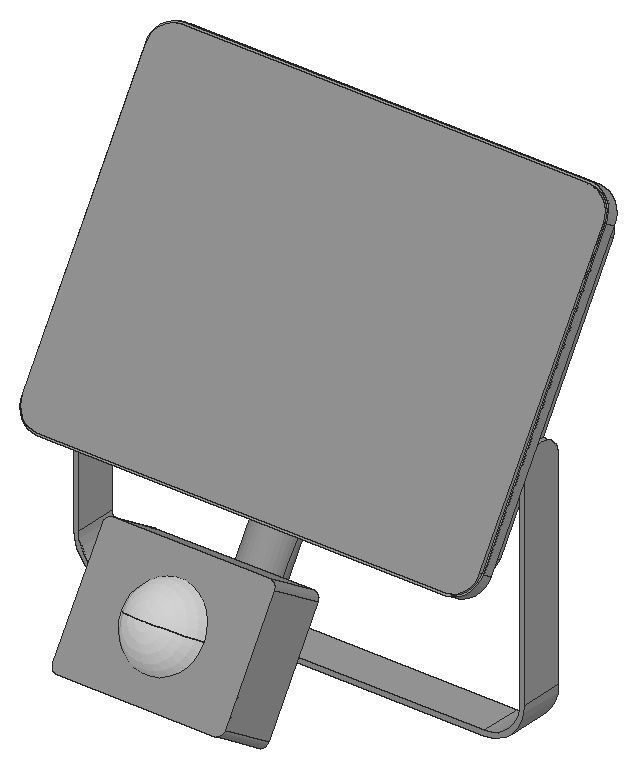
Revit family "0047970 Sylvania Lighting Fixture START eco Flood Flat IP54 PIR 4500lm 830", category Lighting Fixtures, host Face, Revit 2016
Family settings
  Host = Face
  Part Type = Normal
  Round Connector Dimension = Use Diameter
  OmniClass Number = 23.80.70.00
  OmniClass Title = Lighting
  Cut with Voids When Loaded = No
  Light Source = No
  Shared = No
  Room Calculation Point = No
Parameters (values of type "0047970 ST E FLD FLT IP54 PIR 4500LM 830")
  WidthBracketIn_SYL = if([10W_SYL], 102.2 mm, if([30W_SYL], 143.3 mm, if([50W_SYL], 181 mm, 262.8 mm)))  # 181 mm
  Weight = "4.25 kg"
  Wattage Comments = ""
  WarrantyStartDate [instance] = "n/a"
  WarrantyGuarantorParts = "n/a"
  WarrantyDurationUnit = "n/a"
  WarrantyDurationParts = "n/a"
  WarrantyDescription = "n/a"
  Voltage = 0 V
  URL = "http://www.sylvania-lighting.com"
  TypeName = "START eco Flood Flat IP54 PIR 4500lm 830"
  TypeLight_SYL = START eco Flood Flat Lamp : 0047970 ST E FLD FLT IP54 PIR 4500LM 830
  Type Image = <None>
  Type Comments = "n/a"
  ThicknessBracket_SYL = if([10W_SYL], 1.5 mm, 2 mm)  # 2 mm
  SerialNumber [instance] = "n/a"
  RotationAngle_SYL [instance] = 32.00°
  RadiusBracket_SYL = if([10W_SYL], 7.7 mm, if([30W_SYL], 8 mm, if([50W_SYL], 17 mm, 14 mm)))  # 17 mm
  RadiusBracketIn_SYL = RadiusBracket_SYL - ThicknessBracket_SYL  # 15 mm
  OffsetAxis_SYL = DepthBracket_SYL / 2  # 8.5 mm
  PowerFactor = 0.9
  PowerConsumption = "51 W"
  NominalLength = 193 mm
  NominalHeight = 70 mm
  NominalDepth = 216 mm
  Name = "START eco Flood Flat IP54 PIR 4500lm 830"
  ModelReference = Name  # "START eco Flood Flat IP54 PIR 4500lm 830"
  ModelNumber = "0047970"
  Model = Name  # "START eco Flood Flat IP54 PIR 4500lm 830"
  Material = "adc12 housing"
  ManufacturerName = "Feilo Sylvania"
  Manufacturer = "Feilo Sylvania"
  LuminousEfficacy = "88 lm/W"
  LuminaireType = ""
  LightOutputRatio = "n/a"
  LampsType = Lamp  # "LED"
  LampNominalLuminous = "4500 lm"
  LampMacAdamStep = "n/a"
  LampColourTemperature = "3000 K"
  LampColourRenderingIndex = "80"
  Lamp = "LED"
  Keynote = "16500"
  InstallationDate [instance] = "n/a"
  InputVoltage = "n/a"
  InputNominalFrequency = "n/a"
  IngressProtection = "IP54"
  ImpactProtectionIndex = "IK05"
  IfcExportType = "IfcLightFixtureType"
  IfcExportAs = "IfcLightFixtureType"
  HeightBracket_SYL = if([10W_SYL], 55 mm, if([30W_SYL], 70 mm, if([50W_SYL], 110 mm, 141 mm)))  # 110 mm
  ExpectedLife = 30000
  EndAngle_SYL [instance] = RotationAngle_SYL + 180.00°  # 212.00°
  ElectricShockClassification = "Class I"
  DurationUnit = "hours"
  DocumentationLiterature = "http://www.sylvania-lighting.com/product/en-int/products/0047970"
  DimmingControlOptions = "n/a"
  Description = "The new Start eco Flood Flat comes with improved design. The streamlined, durable, lightweight die-cast aluminium body makes it a perfect choice for building facades, car parks, garages and construction areas. The product includes 1 m pre-wired stripped cable and fitting bracket for quick and easy installation and the universal mounting bracket allows wall or surface mounting with the possibility of vertical tilting. Black die-cast aluminum housing, white reflector, 4500 lm, 51 W, 88 lm/W, 3000K, drive current 193 mA, non dimmable, CRI>80, IP54, IK07 - fixture, IK05 - sensor, Class I, lumen maintenance L70:B50: 30000 hrs, 193 x 216 x 70 mm (L x W x H). Weight: 0.85kg.  PIR sensor included. Energy class: A++ A+ A."
  DepthBracket_SYL = if([10W_SYL], 15 mm, if([30W_SYL], 15 mm, if([50W_SYL], 17 mm, 25 mm)))  # 17 mm
  Default Elevation = 1219.2 mm
  CreatedOn = "10/8/2018"
  CreatedBy = "@sylvania-lighting.com"
  Cost = 0
  built-in parameter 1114216 [instance] = (empty or 0)
  ClassificationValue = "EF_70_80"
  ClassificationName = "Uniclass2015"
  Material_1_SYL = Body-Sylvania-FloodFlat-Black
  BarCode [instance] = "n/a"
  AssetType = "Fixed"
  AssetIdentifier [instance] = "n/a"
  Assembly Code = "D5020200"
  Apparent Load = 51 VA
  50W_SYL = yes
  30W_SYL = no
  10W_SYL = no
Reference planes
  plane 1 "Center (Front/Back)": y = 0
  plane 2: z = 0
  plane 3 "Center (Left/Right)": x = 0
  plane 4: x = -92.5
  plane 5: x = 92.5
  plane 6: z = 110
  plane 7: z = 101.5
  plane 8: x = -90.5
  plane 9: x = 90.5
  plane 10: z = 2
  plane 11: y = 8.5
  plane 12: y = -8.5
  plane 13: x = -75.5
  plane 14: z = 17
  plane 15: x = 75.5
  plane 16: y = -10.5
  plane 17: z = 112
  plane 18: y = 10.5
Forms (mm)
  Extrusion 1, solid, material "Body-Sylvania-FloodFlat-Black" <- "Material_1_SYL"
    sketch origin (0, 0, 0) x (1, 0, 0) y (0, 0, 1)
      loop
        line (-90.5, 110) -> (-92.5, 110) -> (-92.5, 17)
        arc (-92.5, 17) -> (-87.521, 4.979) -> (-75.5, 0) r 17
        line (-75.5, 0) -> (75.5, 0)
        arc (75.5, 0) -> (87.521, 4.979) -> (92.5, 17) r 17
        line (92.5, 17) -> (92.5, 110) -> (90.5, 110) -> (90.5, 17)
        arc (90.5, 17) -> (86.107, 6.393) -> (75.5, 2) r 15
        line (75.5, 2) -> (-75.5, 2)
        arc (-75.5, 2) -> (-86.107, 6.393) -> (-90.5, 17) r 15
        line (-90.5, 17) -> (-90.5, 110)
    from -8.5 to 8.5
  Extrusion 2, void
    sketch origin (0, 0, 0) x (0, 1, 0) y (0, 0, 1)
      loop
        line (8.5, 101.5) -> (10.5, 101.5) -> (10.5, 112) -> (-10.5, 112) -> (-10.5, 101.5) -> (-8.5, 101.5)
        arc (-8.5, 101.5) -> (0, 110) -> (8.5, 101.5) r 8.5
    from -92.5 to 92.5
  Revolve 3, solid, not visible
    sketch origin (0, 0, 0) x (1, 0, 0) y (0, 0, 1)
      loop
        line (0, 101.5) -> (0, 110) -> (-12.336, 110) -> (-12.336, 101.5) -> (0, 101.5)
      axis (0, 101.5) -> (-12.336, 101.5)
    angle from 32 <- "RotationAngle_SYL" to 212 <- "EndAngle_SYL"
Cuts and joins
  Extrusion 2 cuts Extrusion 1
Dimensions and locks
  equal spacing: plane 9, plane 3 "Center (Left/Right)", plane 8
  "WidthBracketIn_SYL": plane 9 to plane 8
  "ThicknessBracket_SYL": plane 8 to plane 4
  "ThicknessBracket_SYL": plane 5 to plane 9
  "ThicknessBracket_SYL": plane 10 to plane 2
  equal spacing: plane 12, plane 1 "Center (Front/Back)", plane 11
  "DepthBracket_SYL": plane 12 to plane 11
  "OffsetAxis_SYL": plane 7 to plane 6
  "HeightBracket_SYL": plane 6 to plane 2
  "RadiusBracket_SYL": plane 14 to plane 2
  equal spacing: plane 15, plane 3 "Center (Left/Right)", plane 13
  "RadiusBracket_SYL": plane 13 to plane 4
  equal spacing: plane 16, plane 1 "Center (Front/Back)", plane 18
  locked: plane 16 to plane 12 at 2
  locked: plane 6 to plane 17 at 2
  "RadiusBracket_SYL": radius of Extrusion 1 sketch curve  (x2)
  "RadiusBracketIn_SYL": radius of Extrusion 1 sketch curve  (x2)
  aligned and locked: plane 2 to host face
  aligned and locked: level to host face
  aligned and locked: Extrusion 1 sketch curve to plane 6  (x2)
  aligned and locked: Extrusion 1 sketch curve to plane 4
  aligned and locked: plane 5 to Extrusion 1 sketch curve
  aligned and locked: Extrusion 1 sketch curve to plane 9
  aligned and locked: Extrusion 1 sketch curve to plane 2
  aligned and locked: plane 13 to Extrusion 1 sketch curve
  aligned and locked: plane 14 to Extrusion 1 sketch curve  (x2)
  aligned and locked: plane 15 to Extrusion 1 sketch curve
  aligned and locked: Extrusion 1 to plane 11
  aligned and locked: plane 12 to Extrusion 1
  aligned and locked: plane 11 to Extrusion 2 sketch curve
  aligned and locked: plane 1 "Center (Front/Back)" to Extrusion 2 sketch curve
  aligned and locked: plane 7 to Extrusion 2 sketch curve
  aligned and locked: plane 17 to Extrusion 2 sketch curve
  aligned and locked: plane 18 to Extrusion 2 sketch curve
  aligned and locked: Extrusion 2 sketch curve to plane 16
  aligned and locked: Extrusion 2 sketch curve to plane 7  (x2)
  aligned and locked: plane 5 to Extrusion 2
  aligned and locked: Extrusion 2 to plane 4
  aligned and locked: Revolve 3 sketch curve to plane 7  (x2)
  aligned and locked: Revolve 3 sketch curve to plane 3 "Center (Left/Right)"
  aligned and locked: plane 6 to Revolve 3 sketch curve
  aligned and locked: plane 3 "Center (Left/Right)" to nested 1
Automatic sketch dimensions
  host sketch curve to host sketch curve = 2438.4 mm  (x2)
  Revolve 3 sketch curve to plane 3 "Center (Left/Right)" = 12.336 mm
  Revolve 3 sketch curve to plane 4 = 1122.5 mm
  plane 5 to Revolve 3 sketch curve = 1130.9 mm
Nested families
  nested 1: "START eco Flood Flat Lamp" at (0, 11.155, 119.351) x (1, 0, 0) z (0, -0.848, 0.5299), type <- "TypeLight_SYL", type "0047970 ST E FLD FLT IP54 PIR 4500LM 830"
    with built-in parameter 1114216 (empty or 0)
Connectors
  electrical at (0, 0, 0), driven by "Apparent Load", driven by "PowerFactor", driven by "Voltage"
    settings: index 1, voltage 0 V, apparent load 51 VA, apparent load phase1 0 VA, apparent load phase2 0 VA, apparent load phase3 0 VA, power factor 0.9, load classification "Lighting", number of poles 1, system type 30, power factor state 1, is connector primary yes, connector utility no, sub classification motor no, connector description ""
Definition of nested family "START eco Flood Flat Lamp"
  Parameters (values of type "0047977 ST E FLD FLT IP65 9000LM 840")
    Width_SYL = if([10W_SYL], 110 mm, if([30W_SYL], 151 mm, if([50W_SYL], 189 mm, 275 mm)))  # 275 mm
    WidthLEDBoard_SYL = if([10W_SYL], 40 mm, if([30W_SYL], 83 mm, if([50W_SYL], 80 mm, 180 mm)))  # 180 mm
    WidthVignette_SYL = if([10W_SYL], 78.6 mm, if([30W_SYL], 120 mm, if([50W_SYL], 157 mm, 226 mm)))  # 226 mm
    WidthBoltHousing_SYL = 4 * OffsetBoltHousing_SYL  # 24.5 mm
    Wattage Comments = "n/a"
    Wattage = 100 W
    built-in parameter 1150110 = 1 (stored number, unit not read)
    URL = "http://www.sylvania-lighting.com"
    Type Image = (empty or 0)
    Type Comments = "n/a"
    built-in parameter 1114217 = 1 (stored number, unit not read)
    Tilt Angle = -90.00°
    ThicknessScreen_SYL = if([10W_SYL], 5 mm, if([30W_SYL], 5.2 mm, if([50W_SYL], 5.4 mm, 6.1 mm)))  # 6.1 mm
    ThicknessDiffuser_SYL = 0.8 mm  # constant formula
    built-in parameter 1150109 = 1 (stored number, unit not read)
    built-in parameter 1150134 = 12
    built-in parameter 1150113 = 1 (stored number, unit not read)
    RotationAxisFromTop_SYL = if([10W_SYL], 48.8 mm, if([30W_SYL], 61.7 mm, if([50W_SYL], 91.3 mm, 133.4 mm)))  # 133.4 mm
    RadiusLEDBoard_SYL = if([10W_SYL], 1.5 mm, if([30W_SYL], 2 mm, if([50W_SYL], 1.9 mm, 3.7 mm)))  # 3.7 mm
    RadiusDiffuser_SYL = RadiusCorners_SYL - ThicknessDiffuser_SYL  # 13.4 mm
    RadiusCorners_SYL = if([10W_SYL], 10.5 mm, if([30W_SYL], 10.7 mm, if([50W_SYL], 10.7 mm, 14.2 mm)))  # 14.2 mm
    RadiusBoltHousing_SYL = if([10W_SYL], 4.1 mm, if([30W_SYL], 4.9 mm, if([50W_SYL], 5 mm, 8.1 mm)))  # 8.1 mm
    RadiusBack_SYL = RadiusCorners_SYL - OffsetXBack_SYL / 3  # 10.117 mm
    RadiusBackB_SYL = RadiusBack_SYL - OffsetXBackB_SYL  # 7.054 mm
    Photometric Web File = "0047977.ies"
    PIR_SYL = no
    PIRHolderRadius_SYL = PIRBaseFillet_SYL + 2 mm  # 11 mm
    PIRFillet_SYL = 3 mm  # constant formula
    PIRBaseWidth_SYL = 38 mm
    PIRBaseFillet_SYL = PIRBaseDepth_SYL / 2  # 9 mm
    PIRBaseDepth_SYL = 18 mm
    OffsetYBack_SYL = (Height_SYL - HeightVignette_SYL) / 4  # 11 mm
    OffsetYBackB_SYL = OffsetYBack_SYL / 4  # 2.75 mm
    OffsetXBack_SYL = (Width_SYL - WidthVignette_SYL) / 4  # 12.25 mm
    OffsetXBackB_SYL = OffsetXBack_SYL / 4  # 3.063 mm
    OffsetBoltHousing_SYL = OffsetXBack_SYL / 2  # 6.125 mm
    Material_7_SYL = none
    Material_6_SYL = none
    Material_5_SYL = none
    Material_3_SYL = none
    Model = "START eco Flood Flat IP65 9000lm 840"
    Manufacturer = "Feilo Sylvania"
    built-in parameter 1150105 = 3437 (stored number, unit not read)
    Lumens = 9500 lm
    built-in parameter 1150115 = 1 (stored number, unit not read)
    built-in parameter 1150137 = (empty or 0)
    built-in parameter 1150139 = (empty or 0)
    built-in parameter 1150112 = 1 (stored number, unit not read)
    built-in parameter 1150114 = 1 (stored number, unit not read)
    Lamp = "LED"
    Keynote = "16500"
    Material_2_SYL = none
    InsertionPlaneFromTop_SYL = if([10W_SYL], 15.1 mm, if([30W_SYL], 14.5 mm, if([50W_SYL], 14.8 mm, 19.3 mm)))  # 19.3 mm
    built-in parameter 1150132 = (empty or 0)
    built-in parameter 1150102 = (empty or 0)
    built-in parameter 1150107 = 4000 (stored number, unit not read)
    built-in parameter 1150138 = (empty or 0)
    built-in parameter 1150106 = 34.37 (stored number, unit not read)
    Height_SYL = if([10W_SYL], 81.6 mm, if([30W_SYL], 112 mm, if([50W_SYL], 140.5 mm, 211 mm)))  # 211 mm
    HeightVignette_SYL = if([10W_SYL], 50 mm, if([30W_SYL], 81 mm, if([50W_SYL], 110 mm, 167 mm)))  # 167 mm
    HeightLEDBoard_SYL = if([10W_SYL], 25 mm, if([30W_SYL], 39 mm, if([50W_SYL], 56 mm, 132 mm)))  # 132 mm
    Emit from Rectangle Width = HeightVignette_SYL - 2 * RadiusVignette_SYL  # 146.2 mm
    Emit from Rectangle Length = WidthVignette_SYL - 2 * RadiusVignette_SYL  # 205.2 mm
    Emit Shape Visible in Rendering = no
    built-in parameter 1150104 = 8.8258 (stored number, unit not read)
    Dimming Lamp Color Temperature Shift = (empty or 0)
    DepthLEDBoard_SYL = (ThicknessScreen_SYL + DepthBack_SYL) / 9  # 2.289 mm
    DepthBack_SYL = if([10W_SYL], 10.2 mm, if([30W_SYL], 14.7 mm, if([50W_SYL], 16.9 mm, 14.5 mm)))  # 14.5 mm
    RadiusVignette_SYL = if([10W_SYL], 4.1 mm, if([30W_SYL], 4.1 mm, if([50W_SYL], 4.1 mm, 10.4 mm)))  # 10.4 mm
    Description = "The new Start eco Flood Flat comes with improved design. The streamlined, durable, lightweight die-cast aluminium body makes it a perfect choice for building facades, car parks, garages and construction areas. The product includes 1 m pre-wired stripped cable and fitting bracket for quick and easy installation and the universal mounting bracket allows wall or surface mounting with the possibility of vertical tilting. Black die-cast aluminum housing, white reflector, 9500 lm, 100 W, 95 lm/W, 4000K, drive current 386 mA, non dimmable, CRI>80, IP65, IK07, Class I, lumen maintenance L70:B50: 30000 hrs, 283 x 263 x 44 mm (L x W x H). Weight: 1.775kg. Energy class: A++ A+ A."
    DepthReflector_SYL = (ThicknessScreen_SYL + DepthBack_SYL) / 2  # 10.3 mm
    Default Elevation = 1219.2 mm
    Cost = 0
    Color Filter = 16777215
    built-in parameter 1114216 [instance] = (empty or 0)
    Material_1_SYL = none
    built-in parameter 1114218 = 1 (stored number, unit not read)
    built-in parameter 1150133 = 10 (stored number, unit not read)
    Assembly Code = "D5020200"
    Apparent Load = 100 VA
    Material_4_SYL = none
    50W_SYL = no
    30W_SYL = no
    10W_SYL = no
  Types (16, lengths in mm): name | Width_SYL | WidthLEDBoard_SYL | WidthVignette_SYL | WidthBoltHousing_SYL | Wattage | ThicknessScreen_SYL | built-in parameter 1150134 | RotationAxisFromTop_SYL | RadiusLEDBoard_SYL | RadiusDiffuser_SYL | RadiusCorners_SYL | RadiusBoltHousing_SYL | RadiusBack_SYL | RadiusBackB_SYL | Photometric Web File | PIR_SYL | OffsetYBack_SYL | OffsetYBackB_SYL | OffsetXBack_SYL | OffsetXBackB_SYL | OffsetBoltHousing_SYL | Model | built-in parameter 1150105 | Lumens | InsertionPlaneFromTop_SYL | built-in parameter 1150107 | built-in parameter 1150106 | Height_SYL | HeightVignette_SYL | HeightLEDBoard_SYL | Emit from Rectangle Width | Emit from Rectangle Length | built-in parameter 1150104 | DepthLEDBoard_SYL | DepthBack_SYL | RadiusVignette_SYL | Description | DepthReflector_SYL | Apparent Load | 50W_SYL | 30W_SYL | 10W_SYL
    0047977 ST E FLD FLT IP65 9000LM 840 | 275 | 180 | 226 | 24.5 | 100 W | 6.1 | 12 | 133.4 | 3.7 | 13.4 | 14.2 | 8.1 | 10.117 | 7.054 | "0047977.ies" | no | 11 | 2.75 | 12.25 | 3.063 | 6.125 | "START eco Flood Flat IP65 9000lm 840" | 3437 (stored number, unit not read) | 9500 lm | 19.3 | 4000 (stored number, unit not read) | 34.37 (stored number, unit not read) | 211 | 167 | 132 | 146.2 | 205.2 | 8.8258 (stored number, unit not read) | 2.289 | 14.5 | 10.4 | "The new Start eco Flood Flat comes with improved design. The streamlined, durable, lightweight die-cast aluminium body makes it a perfect choice for building facades, car parks, garages and construction areas. The product includes 1 m pre-wired stripped cable and fitting bracket for quick and easy installation and the universal mounting bracket allows wall or surface mounting with the possibility of vertical tilting. Black die-cast aluminum housing, white reflector, 9500 lm, 100 W, 95 lm/W, 4000K, drive current 386 mA, non dimmable, CRI>80, IP65, IK07, Class I, lumen maintenance L70:B50: 30000 hrs, 283 x 263 x 44 mm (L x W x H). Weight: 1.775kg. Energy class: A++ A+ A." | 10.3 | 100 VA | no | no | no
    0047976 ST E FLD FLT IP65 9000LM 830 | 275 | 180 | 226 | 24.5 | 100 W | 6.1 | (empty or 0) | 133.4 | 3.7 | 13.4 | 14.2 | 8.1 | 10.117 | 7.054 | "0047976.ies" | no | 11 | 2.75 | 12.25 | 3.063 | 6.125 | "START eco Flood Flat IP65 9000lm 830" | 3256.1 (stored number, unit not read) | 9000 lm | 19.3 | 3000 (stored number, unit not read) | 32.561 (stored number, unit not read) | 211 | 167 | 132 | 146.2 | 205.2 | 8.3613 (stored number, unit not read) | 2.289 | 14.5 | 10.4 | "The new Start eco Flood Flat comes with improved design. The streamlined, durable, lightweight die-cast aluminium body makes it a perfect choice for building facades, car parks, garages and construction areas. The product includes 1 m pre-wired stripped cable and fitting bracket for quick and easy installation and the universal mounting bracket allows wall or surface mounting with the possibility of vertical tilting. Black die-cast aluminum housing, white reflector, 9000 lm, 100 W, 90 lm/W, 3000K, drive current 386 mA, non dimmable, CRI>80, IP65, IK07, Class I, lumen maintenance L70:B50: 30000 hrs, 283 x 263 x 44 mm (L x W x H). Weight: 1.775kg. Energy class: A++ A+ A." | 10.3 | 100 VA | no | no | no
    0047973 ST E FLD FLT IP65 6500LM 840 | 275 | 180 | 226 | 24.5 | 70 W | 6.1 | 12 | 133.4 | 3.7 | 13.4 | 14.2 | 8.1 | 10.117 | 7.054 | "0047973.ies" | no | 11 | 2.75 | 12.25 | 3.063 | 6.125 | "START eco Flood Flat IP65 6500lm 840" | 2460.1 (stored number, unit not read) | 6650 lm | 19.3 | 4000 (stored number, unit not read) | 24.601 (stored number, unit not read) | 211 | 167 | 132 | 146.2 | 205.2 | 8.8258 (stored number, unit not read) | 2.289 | 14.5 | 10.4 | "The new Start eco Flood Flat comes with improved design. The streamlined, durable, lightweight die-cast aluminium body makes it a perfect choice for building facades, car parks, garages and construction areas. The product includes 1 m pre-wired stripped cable and fitting bracket for quick and easy installation and the universal mounting bracket allows wall or surface mounting with the possibility of vertical tilting. Black die-cast aluminum housing, white reflector, 6650 lm, 70 W, 95 lm/W, 4000K, drive current 270 mA, non dimmable, CRI>80, IP65, IK07, Class I, lumen maintenance L70:B50: 30000 hrs, 283 x 263 x 44 mm (L x W x H). Weight: 1.775kg. Energy class: A++ A+ A." | 10.3 | 70 VA | no | no | no
    0047972 ST E FLD FLT IP65 6500LM 830 | 275 | 180 | 226 | 24.5 | 70 W | 6.1 | (empty or 0) | 133.4 | 3.7 | 13.4 | 14.2 | 8.1 | 10.117 | 7.054 | "0047972.ies" | no | 11 | 2.75 | 12.25 | 3.063 | 6.125 | "START eco Flood Flat IP65 6500lm 830" | 2330.6 (stored number, unit not read) | 6300 lm | 19.3 | 3000 (stored number, unit not read) | 23.306 (stored number, unit not read) | 211 | 167 | 132 | 146.2 | 205.2 | 8.3613 (stored number, unit not read) | 2.289 | 14.5 | 10.4 | "The new Start eco Flood Flat comes with improved design. The streamlined, durable, lightweight die-cast aluminium body makes it a perfect choice for building facades, car parks, garages and construction areas. The product includes 1 m pre-wired stripped cable and fitting bracket for quick and easy installation and the universal mounting bracket allows wall or surface mounting with the possibility of vertical tilting. Black die-cast aluminum housing, white reflector, 6300 lm, 70 W, 90 lm/W, 3000K, drive current 270 mA, non dimmable, CRI>80, IP65, IK07, Class I, lumen maintenance L70:B50: 30000 hrs, 283 x 263 x 44 mm (L x W x H). Weight: 1.775kg. Energy class: A++ A+ A." | 10.3 | 70 VA | no | no | no
    0047971 ST E FLD FLT IP54 PIR 4500LM 840 | 189 | 80 | 157 | 16 | 51 W | 5.4 | 12 | 91.3 | 1.9 | 9.9 | 10.7 | 5 | 8.033 | 6.033 | "0047971.ies" | yes | 7.625 | 1.906 | 8 | 2 | 4 | "START eco Flood Flat IP54 PIR 4500lm 840" | 1695.8 (stored number, unit not read) | 4743 lm | 14.8 | 4000 (stored number, unit not read) | 16.958 (stored number, unit not read) | 140.5 | 110 | 56 | 101.8 | 148.8 | 8.64 (stored number, unit not read) | 2.478 | 16.9 | 4.1 | "The new Start eco Flood Flat comes with improved design. The streamlined, durable, lightweight die-cast aluminium body makes it a perfect choice for building facades, car parks, garages and construction areas. The product includes 1 m pre-wired stripped cable and fitting bracket for quick and easy installation and the universal mounting bracket allows wall or surface mounting with the possibility of vertical tilting. Black die-cast aluminum housing, white reflector, 4750 lm, 51 W, 93 lm/W, 4000K, drive current 193 mA, non dimmable, CRI>80, IP54, IK07 - fixture, IK05 - sensor, Class I, lumen maintenance L70:B50: 30000 hrs, 193 x 216 x 70 mm (L x W x H). Weight: 0.85kg.  PIR sensor included. Energy class: A++ A+ A." | 11.15 | 51 VA | yes | no | no
    0047970 ST E FLD FLT IP54 PIR 4500LM 830 | 189 | 80 | 157 | 16 | 51 W | 5.4 | (empty or 0) | 91.3 | 1.9 | 9.9 | 10.7 | 5 | 8.033 | 6.033 | "0047970.ies" | yes | 7.625 | 1.906 | 8 | 2 | 4 | "START eco Flood Flat IP54 PIR 4500lm 830" | 1604.6 (stored number, unit not read) | 4488 lm | 14.8 | 3000 (stored number, unit not read) | 16.046 (stored number, unit not read) | 140.5 | 110 | 56 | 101.8 | 148.8 | 8.1755 (stored number, unit not read) | 2.478 | 16.9 | 4.1 | "The new Start eco Flood Flat comes with improved design. The streamlined, durable, lightweight die-cast aluminium body makes it a perfect choice for building facades, car parks, garages and construction areas. The product includes 1 m pre-wired stripped cable and fitting bracket for quick and easy installation and the universal mounting bracket allows wall or surface mounting with the possibility of vertical tilting. Black die-cast aluminum housing, white reflector, 4500 lm, 51 W, 88 lm/W, 3000K, drive current 193 mA, non dimmable, CRI>80, IP54, IK07 - fixture, IK05 - sensor, Class I, lumen maintenance L70:B50: 30000 hrs, 193 x 216 x 70 mm (L x W x H). Weight: 0.85kg.  PIR sensor included. Energy class: A++ A+ A." | 11.15 | 51 VA | yes | no | no
    0047969 ST E FLD FLT IP65 4500LM 840 | 189 | 80 | 157 | 16 | 50 W | 5.4 | 12 | 91.3 | 1.9 | 9.9 | 10.7 | 5 | 8.033 | 6.033 | "0047969.ies" | no | 7.625 | 1.906 | 8 | 2 | 4 | "START eco Flood Flat IP65 4500lm 840" | 1698.3 (stored number, unit not read) | 4750 lm | 14.8 | 4000 (stored number, unit not read) | 16.983 (stored number, unit not read) | 140.5 | 110 | 56 | 101.8 | 148.8 | 8.8258 (stored number, unit not read) | 2.478 | 16.9 | 4.1 | "The new Start eco Flood Flat comes with improved design. The streamlined, durable, lightweight die-cast aluminium body makes it a perfect choice for building facades, car parks, garages and construction areas. The product includes 1 m pre-wired stripped cable and fitting bracket for quick and easy installation and the universal mounting bracket allows wall or surface mounting with the possibility of vertical tilting. Black die-cast aluminum housing, white reflector, 4750 lm, 50 W, 95 lm/W, 4000K, drive current 193 mA, non dimmable, CRI>80, IP65, IK07, Class I, lumen maintenance L70:B50: 30000 hrs, 193 x 190 x 48 mm (L x W x H). Weight: 0.785kg. Energy class: A++ A+ A." | 11.15 | 50 VA | yes | no | no
    0047968 ST E FLD FLT IP65 4500LM 830 | 189 | 80 | 157 | 16 | 50 W | 5.4 | (empty or 0) | 91.3 | 1.9 | 9.9 | 10.7 | 5 | 8.033 | 6.033 | "0047968.ies" | no | 7.625 | 1.906 | 8 | 2 | 4 | "START eco Flood Flat IP65 4500lm 830" | 1608.9 (stored number, unit not read) | 4500 lm | 14.8 | 3000 (stored number, unit not read) | 16.089 (stored number, unit not read) | 140.5 | 110 | 56 | 101.8 | 148.8 | 8.3613 (stored number, unit not read) | 2.478 | 16.9 | 4.1 | "The new Start eco Flood Flat comes with improved design. The streamlined, durable, lightweight die-cast aluminium body makes it a perfect choice for building facades, car parks, garages and construction areas. The product includes 1 m pre-wired stripped cable and fitting bracket for quick and easy installation and the universal mounting bracket allows wall or surface mounting with the possibility of vertical tilting. Black die-cast aluminum housing, white reflector, 4500 lm, 50 W, 90 lm/W, 3000K, drive current 193 mA, non dimmable, CRI>80, IP65, IK07, Class I, lumen maintenance L70:B50: 30000 hrs, 193 x 190 x 48 mm (L x W x H). Weight: 0.785kg. Energy class: A++ A+ A." | 11.15 | 50 VA | yes | no | no
    0047967 ST E FLD FLT IP54 PIR 2800LM 840 | 151 | 83 | 120 | 15.5 | 31 W | 5.2 | 12 | 61.7 | 2 | 9.9 | 10.7 | 4.9 | 8.117 | 6.179 | "0047967.ies" | yes | 7.75 | 1.938 | 7.75 | 1.938 | 3.875 | "START eco Flood Flat IP54 PIR 2800lm 840" | 1045.5 (stored number, unit not read) | 2852 lm | 14.5 | 4000 (stored number, unit not read) | 10.455 (stored number, unit not read) | 112 | 81 | 39 | 72.8 | 111.8 | 8.5471 (stored number, unit not read) | 2.211 | 14.7 | 4.1 | "The new Start eco Flood Flat comes with improved design. The streamlined, durable, lightweight die-cast aluminium body makes it a perfect choice for building facades, car parks, garages and construction areas. The product includes 1 m pre-wired stripped cable and fitting bracket for quick and easy installation and the universal mounting bracket allows wall or surface mounting with the possibility of vertical tilting. Black die-cast aluminum housing, white reflector, 2850 lm, 31 W, 92 lm/W, 4000K, drive current 116 mA, non dimmable, CRI>80, IP54, IK06 - fixture, IK05 - sensor, Class I, lumen maintenance L70:B50: 30000 hrs, 156 x 178 x 67 mm (L x W x H). Weight: 0.61kg.  PIR sensor included. Energy class: A++ A+ A." | 9.95 | 31 VA | no | yes | no
    0047966 ST E FLD FLT IP54 PIR 2800LM 830 | 151 | 83 | 120 | 15.5 | 31 W | 5.2 | (empty or 0) | 61.7 | 2 | 9.9 | 10.7 | 4.9 | 8.117 | 6.179 | "0047966.ies" | yes | 7.75 | 1.938 | 7.75 | 1.938 | 3.875 | "START eco Flood Flat IP54 PIR 2800lm 830" | 988.72 (stored number, unit not read) | 2697 lm | 14.5 | 3000 (stored number, unit not read) | 9.8872 (stored number, unit not read) | 112 | 81 | 39 | 72.8 | 111.8 | 8.0826 (stored number, unit not read) | 2.211 | 14.7 | 4.1 | "The new Start eco Flood Flat comes with improved design. The streamlined, durable, lightweight die-cast aluminium body makes it a perfect choice for building facades, car parks, garages and construction areas. The product includes 1 m pre-wired stripped cable and fitting bracket for quick and easy installation and the universal mounting bracket allows wall or surface mounting with the possibility of vertical tilting. Black die-cast aluminum housing, white reflector, 2700 lm, 31 W, 87 lm/W, 3000K, drive current 116 mA, non dimmable, CRI>80, IP54, IK06 - fixture, IK05 - sensor, Class I, lumen maintenance L70:B50: 30000 hrs, 156 x 178 x 67 mm (L x W x H). Weight: 0.61kg.  PIR sensor included. Energy class: A++ A+ A." | 9.95 | 31 VA | no | yes | no
    0047965 ST E FLD FLT IP65 2800LM 840 | 151 | 83 | 120 | 15.5 | 30 W | 5.2 | 12 | 61.7 | 2 | 9.9 | 10.7 | 4.9 | 8.117 | 6.179 | "0047965.ies" | no | 7.75 | 1.938 | 7.75 | 1.938 | 3.875 | "START eco Flood Flat IP65 2800lm 840" | 1044.8 (stored number, unit not read) | 2850 lm | 14.5 | 4000 (stored number, unit not read) | 10.448 (stored number, unit not read) | 112 | 81 | 39 | 72.8 | 111.8 | 8.8258 (stored number, unit not read) | 2.211 | 14.7 | 4.1 | "The new Start eco Flood Flat comes with improved design. The streamlined, durable, lightweight die-cast aluminium body makes it a perfect choice for building facades, car parks, garages and construction areas. The product includes 1 m pre-wired stripped cable and fitting bracket for quick and easy installation and the universal mounting bracket allows wall or surface mounting with the possibility of vertical tilting. Black die-cast aluminum housing, white reflector, 2850 lm, 30 W, 95 lm/W, 4000K, drive current 116 mA, non dimmable, CRI>80, IP65, IK06, Class I, lumen maintenance L70:B50: 30000 hrs, 156 x 126 x 38 mm (L x W x H). Weight: 0.545kg. Energy class: A++ A+ A." | 9.95 | 30 VA | no | yes | no
    0047964 ST E FLD FLT IP65 2800LM 830 | 151 | 83 | 120 | 15.5 | 30 W | 5.2 | (empty or 0) | 61.7 | 2 | 9.9 | 10.7 | 4.9 | 8.117 | 6.179 | "0047964.ies" | no | 7.75 | 1.938 | 7.75 | 1.938 | 3.875 | "START eco Flood Flat IP65 2800lm 830" | 989.82 (stored number, unit not read) | 2700 lm | 14.5 | 3000 (stored number, unit not read) | 9.8982 (stored number, unit not read) | 112 | 81 | 39 | 72.8 | 111.8 | 8.3613 (stored number, unit not read) | 2.211 | 14.7 | 4.1 | "The new Start eco Flood Flat comes with improved design. The streamlined, durable, lightweight die-cast aluminium body makes it a perfect choice for building facades, car parks, garages and construction areas. The product includes 1 m pre-wired stripped cable and fitting bracket for quick and easy installation and the universal mounting bracket allows wall or surface mounting with the possibility of vertical tilting. Black die-cast aluminum housing, white reflector, 2700 lm, 30 W, 90 lm/W, 3000K, drive current 116 mA, non dimmable, CRI>80, IP65, IK06, Class I, lumen maintenance L70:B50: 30000 hrs, 156 x 126 x 38 mm (L x W x H). Weight: 0.545kg. Energy class: A++ A+ A." | 9.95 | 30 VA | no | yes | no
    0047963 ST E FLD FLT IP54 PIR 900LM 840 | 110 | 40 | 78.6 | 15.7 | 11 W | 5 | 12 | 48.8 | 1.5 | 9.7 | 10.5 | 4.1 | 7.883 | 5.921 | "0047963.ies" | yes | 7.9 | 1.975 | 7.85 | 1.963 | 3.925 | "START eco Flood Flat IP54 PIR 900lm 840" | 365.78 (stored number, unit not read) | 946 lm | 15.1 | 4000 (stored number, unit not read) | 3.6578 (stored number, unit not read) | 81.6 | 50 | 25 | 41.8 | 70.4 | 7.9897 (stored number, unit not read) | 1.689 | 10.2 | 4.1 | "The new Start eco Flood Flat comes with improved design. The streamlined, durable, lightweight die-cast aluminium body makes it a perfect choice for building facades, car parks, garages and construction areas. The product includes 1 m pre-wired stripped cable and fitting bracket for quick and easy installation and the universal mounting bracket allows wall or surface mounting with the possibility of vertical tilting. Black die-cast aluminum housing, white reflector, 950 lm, 11 W, 86 lm/W, 4000K, drive current 38.6 mA, non dimmable, CRI>80, IP54, IK06 - fixture, IK05 - sensor, Class I, lumen maintenance L70:B50: 30000 hrs, 156 x 178 x 67 mm (L x W x H). Weight: 0.61kg.  PIR sensor included. Energy class: A++ A+ A." | 7.6 | 11 VA | no | no | yes
    0047962 ST E FLD FLT IP54 PIR 900LM 830 | 110 | 40 | 78.6 | 15.7 | 11 W | 5 | (empty or 0) | 48.8 | 1.5 | 9.7 | 10.5 | 4.1 | 7.883 | 5.921 | "0047962.ies" | yes | 7.9 | 1.975 | 7.85 | 1.963 | 3.925 | "START eco Flood Flat IP54 PIR 900lm 830" | 345.53 (stored number, unit not read) | 902 lm | 15.1 | 3000 (stored number, unit not read) | 3.4553 (stored number, unit not read) | 81.6 | 50 | 25 | 41.8 | 70.4 | 7.618 (stored number, unit not read) | 1.689 | 10.2 | 4.1 | "The new Start eco Flood Flat comes with improved design. The streamlined, durable, lightweight die-cast aluminium body makes it a perfect choice for building facades, car parks, garages and construction areas. The product includes 1 m pre-wired stripped cable and fitting bracket for quick and easy installation and the universal mounting bracket allows wall or surface mounting with the possibility of vertical tilting. Black die-cast aluminum housing, white reflector, 900 lm, 11 W, 82 lm/W, 3000K, drive current 38.6 mA, non dimmable, CRI>80, IP54, IK06 - fixture, IK05 - sensor, Class I, lumen maintenance L70:B50: 30000 hrs, 156 x 178 x 67 mm (L x W x H). Weight: 0.61kg.  PIR sensor included. Energy class: A++ A+ A." | 7.6 | 11 VA | no | no | yes
    0047961 ST E FLD FLT IP65 900LM 840 | 110 | 40 | 78.6 | 15.7 | 10 W | 5 | 12 | 48.8 | 1.5 | 9.7 | 10.5 | 4.1 | 7.883 | 5.921 | "0047961.ies" | no | 7.9 | 1.975 | 7.85 | 1.963 | 3.925 | "START eco Flood Flat IP65 900lm 840" | 367.33 (stored number, unit not read) | 950 lm | 15.1 | 4000 (stored number, unit not read) | 3.6733 (stored number, unit not read) | 81.6 | 50 | 25 | 41.8 | 70.4 | 8.8258 (stored number, unit not read) | 1.689 | 10.2 | 4.1 | "The new Start eco Flood Flat comes with improved design. The streamlined, durable, lightweight die-cast aluminium body makes it a perfect choice for building facades, car parks, garages and construction areas. The product includes 1 m pre-wired stripped cable and fitting bracket for quick and easy installation and the universal mounting bracket allows wall or surface mounting with the possibility of vertical tilting. Black die-cast aluminum housing, white reflector, 950 lm, 10 W, 95 lm/W, 4000K, drive current 38.6 mA, non dimmable, CRI>80, IP65, IK06, Class I, lumen maintenance L70:B50: 30000 hrs, 114 x 96 x 38 mm (L x W x H). Weight: 0.33kg. Energy class: A++ A+ A." | 7.6 | 10 VA | no | no | yes
    0047960 ST E FLD FLT IP65 900LM 830 | 110 | 40 | 78.6 | 15.7 | 10 W | 5 | (empty or 0) | 48.8 | 1.5 | 9.7 | 10.5 | 4.1 | 7.883 | 5.921 | "0047960.ies" | no | 7.9 | 1.975 | 7.85 | 1.963 | 3.925 | "START eco Flood Flat IP65 900lm 830" | 344.76 (stored number, unit not read) | 900 lm | 15.1 | 3000 (stored number, unit not read) | 3.4476 (stored number, unit not read) | 81.6 | 50 | 25 | 41.8 | 70.4 | 8.3613 (stored number, unit not read) | 1.689 | 10.2 | 4.1 | "The new Start eco Flood Flat comes with improved design. The streamlined, durable, lightweight die-cast aluminium body makes it a perfect choice for building facades, car parks, garages and construction areas. The product includes 1 m pre-wired stripped cable and fitting bracket for quick and easy installation and the universal mounting bracket allows wall or surface mounting with the possibility of vertical tilting. Black die-cast aluminum housing, white reflector, 900 lm, 10 W, 90 lm/W, 3000K, drive current 38.6 mA, non dimmable, CRI>80, IP65, IK06, Class I, lumen maintenance L70:B50: 30000 hrs, 114 x 96 x 38 mm (L x W x H). Weight: 0.33kg. Energy class: A++ A+ A." | 7.6 | 10 VA | no | no | yes
  Reference planes
    plane 1 "Center (Front/Back)": y = 0
    plane 2: z = 0
    plane 3 "Center (Left/Right)": x = 0
    plane 4: y = 105.5
    plane 5: y = -105.5
    plane 6: x = 137.5
    plane 7: x = -137.5
    plane 8: y = 83.5
    plane 9: y = -83.5
    plane 10: x = -113
    plane 11: x = 113
    plane 12: x = -123.3
    plane 13: y = 91.3
    plane 14: y = -91.3
    plane 15: x = 123.3
    plane 16: x = -102.6
    plane 17: y = 73.1
    plane 18: x = 102.6
    plane 19: y = -73.1
    plane 20: z = 19.3
    plane 21: z = 13.2
    plane 22: z = 9
    plane 23: z = -1.3
    plane 24: x = -125.25
    plane 25: y = 94.5
    plane 26: y = -94.5
    plane 27: x = 125.25
    plane 28: x = -122.187
    plane 29: x = 122.188
    plane 30: y = 91.75
    plane 31: y = -91.75
    plane 32: z = 18.5
    plane 33: x = -90
    plane 34: x = 90
    plane 35: y = 66
    plane 36: y = -66
    plane 37: z = 6.711
    plane 38: x = -136.7
    plane 39: y = 104.7
    plane 40: y = -104.7
    plane 41: x = 136.7
    plane 42: x = -131.375
    plane 43: x = 131.375
    plane 44: x = -106.875
    plane 45: x = 106.875
    plane 46 "RotationAxis": y = -27.9
    plane 47: y = -19.8
    plane 48: x = -19
    plane 49: x = 19
    plane 50: z = -10.3
    plane 51: z = 7.7
    plane 52: x = 10
    plane 53: x = -10
    plane 54: y = -155.5
    plane 55: y = -137.5
    plane 56: y = -146.5
    plane 57: x = -9
    plane 58: x = 9
    plane 59: y = -119.7
    plane 60: y = -173.3
    plane 61: x = -35.3
    plane 62: x = 35.3
    plane 63: z = 39.2
    plane 64: z = 33.7
  Forms (mm)
    Extrusion 1, solid
      sketch origin (4.2, 0, 0) x (1, 0, 0) y (0, 1, 0)
        loop
          line (-1219.2, 1219.2) -> (-1219.2, -1219.2) -> (1219.2, -1219.2) -> (1219.2, 1219.2) -> (-1219.2, 1219.2)
      from 0 to -68.017
    Extrusion 2, solid, material <- "Material_1_SYL"
      sketch origin (1223.4, -4572, 19.3) x (0, -1, 0) y (-1, 0, 0)
        loop
          line (-4677.5, 1346.7) -> (-4677.5, 1100.1)
          arc (-4677.5, 1100.1) -> (-4673.341, 1090.059) -> (-4663.3, 1085.9) r 14.2
          line (-4663.3, 1085.9) -> (-4480.7, 1085.9)
          arc (-4480.7, 1085.9) -> (-4470.659, 1090.059) -> (-4466.5, 1100.1) r 14.2
          line (-4466.5, 1100.1) -> (-4466.5, 1346.7)
          arc (-4466.5, 1346.7) -> (-4470.659, 1356.741) -> (-4480.7, 1360.9) r 14.2
          line (-4480.7, 1360.9) -> (-4663.3, 1360.9)
          arc (-4663.3, 1360.9) -> (-4673.341, 1356.741) -> (-4677.5, 1346.7) r 14.2
      from 6.1 to 0.8
    Blend 3, solid, material <- "Material_1_SYL"
      base sketch origin (1223.4, -4572, 13.2) x (0, -1, 0) y (1, 0, 0)
        loop
          arc (-4666.5, -1338.533) -> (-4663.537, -1345.687) -> (-4656.383, -1348.65) r 10.117
          line (-4656.383, -1348.65) -> (-4487.617, -1348.65)
          arc (-4487.617, -1348.65) -> (-4480.463, -1345.687) -> (-4477.5, -1338.533) r 10.117
          line (-4477.5, -1338.533) -> (-4477.5, -1108.267)
          arc (-4477.5, -1108.267) -> (-4480.463, -1101.113) -> (-4487.617, -1098.15) r 10.117
          line (-4487.617, -1098.15) -> (-4656.383, -1098.15)
          arc (-4656.383, -1098.15) -> (-4663.537, -1101.113) -> (-4666.5, -1108.267) r 10.117
          line (-4666.5, -1108.267) -> (-4666.5, -1338.533)
      top sketch origin (1223.4, -4572, 13.2) x (0, -1, 0) y (1, 0, 0)
        loop
          arc (-4663.75, -1338.533) -> (-4661.684, -1343.521) -> (-4656.696, -1345.588) r 7.054
          line (-4656.696, -1345.588) -> (-4487.304, -1345.588)
          arc (-4487.304, -1345.588) -> (-4482.316, -1343.521) -> (-4480.25, -1338.533) r 7.054
          line (-4480.25, -1338.533) -> (-4480.25, -1108.267)
          arc (-4480.25, -1108.267) -> (-4482.316, -1103.279) -> (-4487.304, -1101.213) r 7.054
          line (-4487.304, -1101.213) -> (-4656.696, -1101.213)
          arc (-4656.696, -1101.213) -> (-4661.684, -1103.279) -> (-4663.75, -1108.267) r 7.054
          line (-4663.75, -1108.267) -> (-4663.75, -1338.533)
      from 0 to -14.5
    Blend 4, void
      base sketch origin (1223.4, -4572, 18.5) x (-1, 0, 0) y (0, -1, 0)
        loop
          arc (1326, -4655.5) -> (1333.354, -4652.454) -> (1336.4, -4645.1) r 10.4
          line (1336.4, -4645.1) -> (1336.4, -4498.9)
          arc (1336.4, -4498.9) -> (1333.354, -4491.546) -> (1326, -4488.5) r 10.4
          line (1326, -4488.5) -> (1120.8, -4488.5)
          arc (1120.8, -4488.5) -> (1113.446, -4491.546) -> (1110.4, -4498.9) r 10.4
          line (1110.4, -4498.9) -> (1110.4, -4645.1)
          arc (1110.4, -4645.1) -> (1113.446, -4652.454) -> (1120.8, -4655.5) r 10.4
          line (1120.8, -4655.5) -> (1326, -4655.5)
      top sketch origin (1223.4, -4572, 18.5) x (0, -1, 0) y (1, 0, 0)
        loop
          arc (-4638, -1309.7) -> (-4636.916, -1312.316) -> (-4634.3, -1313.4) r 3.7
          line (-4634.3, -1313.4) -> (-4509.7, -1313.4)
          arc (-4509.7, -1313.4) -> (-4507.084, -1312.316) -> (-4506, -1309.7) r 3.7
          line (-4506, -1309.7) -> (-4506, -1137.1)
          arc (-4506, -1137.1) -> (-4507.084, -1134.484) -> (-4509.7, -1133.4) r 3.7
          line (-4509.7, -1133.4) -> (-4634.3, -1133.4)
          arc (-4634.3, -1133.4) -> (-4636.916, -1134.484) -> (-4638, -1137.1) r 3.7
          line (-4638, -1137.1) -> (-4638, -1309.7)
      from 0 to -9.5
    Extrusion 5, void
      sketch origin (1223.4, -4572, 9) x (-1, 0, 0) y (0, -1, 0)
        loop
          arc (1133.4, -4634.3) -> (1134.484, -4636.916) -> (1137.1, -4638) r 3.7
          line (1137.1, -4638) -> (1309.7, -4638)
          arc (1309.7, -4638) -> (1312.316, -4636.916) -> (1313.4, -4634.3) r 3.7
          line (1313.4, -4634.3) -> (1313.4, -4509.7)
          arc (1313.4, -4509.7) -> (1312.316, -4507.084) -> (1309.7, -4506) r 3.7
          line (1309.7, -4506) -> (1137.1, -4506)
          arc (1137.1, -4506) -> (1134.484, -4507.084) -> (1133.4, -4509.7) r 3.7
          line (1133.4, -4509.7) -> (1133.4, -4634.3)
      from 4.2 to -2.289
    Extrusion 6, solid, material <- "Material_3_SYL"
      sketch origin (1223.4, -4572, 19.3) x (0, -1, 0) y (-1, 0, 0)
        loop
          line (-4676.7, 1346.7) -> (-4676.7, 1100.1)
          arc (-4676.7, 1100.1) -> (-4672.775, 1090.625) -> (-4663.3, 1086.7) r 13.4
          line (-4663.3, 1086.7) -> (-4480.7, 1086.7)
          arc (-4480.7, 1086.7) -> (-4471.225, 1090.625) -> (-4467.3, 1100.1) r 13.4
          line (-4467.3, 1100.1) -> (-4467.3, 1346.7)
          arc (-4467.3, 1346.7) -> (-4471.225, 1356.175) -> (-4480.7, 1360.1) r 13.4
          line (-4480.7, 1360.1) -> (-4663.3, 1360.1)
          arc (-4663.3, 1360.1) -> (-4672.775, 1356.175) -> (-4676.7, 1346.7) r 13.4
      from 0 to 0.8
    Revolve 7, solid, material <- "Material_1_SYL"
      sketch origin (0, 0, 0) x (1, 0, 0) y (0, 1, 0)
        loop
          line (-131.375, -27.9) -> (-106.875, -27.9) -> (-106.875, -19.8) -> (-131.375, -19.8) -> (-131.375, -27.9)
        loop
          line (131.375, -27.9) -> (131.375, -19.8) -> (106.875, -19.8) -> (106.875, -27.9) -> (131.375, -27.9)
        axis (131.375, -27.9) -> (-131.375, -27.9)
      angle from 360 to 0
    Extrusion 8, solid, material <- "Material_1_SYL", visible <- "PIR_SYL"
      sketch origin (1524, -104.7, 1219.2) x (1, 0, 0) y (0, 0, 1)
        loop
          arc (-1514, -1229.5) -> (-1505, -1220.5) -> (-1514, -1211.5) r 9
          line (-1514, -1211.5) -> (-1534, -1211.5)
          arc (-1534, -1211.5) -> (-1543, -1220.5) -> (-1534, -1229.5) r 9
          line (-1534, -1229.5) -> (-1514, -1229.5)
      from 0 to -21.2
    Extrusion 9, solid, material <- "Material_6_SYL", visible <- "PIR_SYL"
      sketch origin (1524, -104.7, 1219.2) x (1, 0, 0) y (0, 0, 1)
        loop
          circle (-1524, -1220.5) r 9
      from 0 to 41.8
    Extrusion 10, solid, material <- "Material_6_SYL", visible <- "PIR_SYL"
      sketch origin (0, 0, 0) x (0, 1, 0) y (0, 0, 1)
        loop
          circle (-146.5, -1.3) r 11
      from -10 to 10
    Extrusion 11, solid, material <- "Material_6_SYL", visible <- "PIR_SYL"
      sketch origin (1223.4, -4572, -1.3) x (0, -1, 0) y (-1, 0, 0)
        loop
          circle (-4425.5, 1223.4) r 9
      from 0 to -14.5
    Extrusion 12, solid, material <- "Material_6_SYL", visible <- "PIR_SYL"
      sketch origin (1223.4, -4572, 13.2) x (0, -1, 0) y (-1, 0, 0)
        loop
          line (-4452.3, 1255.7) -> (-4452.3, 1191.1)
          arc (-4452.3, 1191.1) -> (-4451.421, 1188.979) -> (-4449.3, 1188.1) r 3
          line (-4449.3, 1188.1) -> (-4401.7, 1188.1)
          arc (-4401.7, 1188.1) -> (-4399.579, 1188.979) -> (-4398.7, 1191.1) r 3
          line (-4398.7, 1191.1) -> (-4398.7, 1255.7)
          arc (-4398.7, 1255.7) -> (-4399.579, 1257.821) -> (-4401.7, 1258.7) r 3
          line (-4401.7, 1258.7) -> (-4449.3, 1258.7)
          arc (-4449.3, 1258.7) -> (-4451.421, 1257.821) -> (-4452.3, 1255.7) r 3
      from 0 to -26
    Revolve 13, solid, material <- "Material_7_SYL", visible <- "PIR_SYL"
      sketch origin (0, -146.5, 2438.4) x (0, 0, 1) y (1, 0, 0)
        loop
          arc (-2387.2, 0) -> (-2390.514, 10.247) -> (-2399.2, 16.613) r 17.5
          line (-2399.2, 16.613) -> (-2399.2, 0) -> (-2387.2, 0)
        axis (-2399.2, 0) -> (-2387.2, 0)
      angle from 360 to 0
  Cuts and joins
    Blend 4, Extrusion 5 cuts Extrusion 2
    Blend 4, Extrusion 5 cuts Blend 3
    joined: Extrusion 2, Blend 3
  Lines and regions (mm)
    Split face 1
      outline origin (1223.4, -4572, 19.3) x (0, -1, 0) y (1, 0, 0)
        loop
          arc (-4655.5, -1326) -> (-4652.454, -1333.354) -> (-4645.1, -1336.4) r 10.4
          line (-4645.1, -1336.4) -> (-4498.9, -1336.4)
          arc (-4498.9, -1336.4) -> (-4491.546, -1333.354) -> (-4488.5, -1326) r 10.4
          line (-4488.5, -1326) -> (-4488.5, -1120.8)
          arc (-4488.5, -1120.8) -> (-4491.546, -1113.446) -> (-4498.9, -1110.4) r 10.4
          line (-4498.9, -1110.4) -> (-4645.1, -1110.4)
          arc (-4645.1, -1110.4) -> (-4652.454, -1113.446) -> (-4655.5, -1120.8) r 10.4
          line (-4655.5, -1120.8) -> (-4655.5, -1326)
  Dimensions and locks
    equal spacing: plane 5, plane 1 "Center (Front/Back)", plane 4
    "Height_SYL": plane 5 to plane 4
    equal spacing: plane 7, plane 3 "Center (Left/Right)", plane 6
    "Width_SYL": plane 7 to plane 6
    equal spacing: plane 10, plane 3 "Center (Left/Right)", plane 11
    equal spacing: plane 9, plane 1 "Center (Front/Back)", plane 8
    "HeightVignette_SYL": plane 9 to plane 8
    "WidthVignette_SYL": plane 10 to plane 11
    equal spacing: plane 12, plane 3 "Center (Left/Right)", plane 15
    equal spacing: plane 14, plane 1 "Center (Front/Back)", plane 13
    "RadiusCorners_SYL": plane 13 to plane 4
    "RadiusCorners_SYL": plane 7 to plane 12
    equal spacing: plane 16, plane 3 "Center (Left/Right)", plane 18
    equal spacing: plane 19, plane 1 "Center (Front/Back)", plane 17
    "RadiusVignette_SYL": plane 17 to plane 8
    "RadiusVignette_SYL": plane 18 to plane 11
    "InsertionPlaneFromTop_SYL": plane 20 to plane 2
    "ThicknessScreen_SYL": plane 20 to plane 21
    "DepthReflector_SYL": plane 20 to plane 22
    "DepthBack_SYL": plane 21 to plane 23
    equal spacing: plane 24, plane 3 "Center (Left/Right)", plane 27
    "OffsetXBack_SYL": plane 7 to plane 24
    equal spacing: plane 26, plane 1 "Center (Front/Back)", plane 25
    "OffsetYBack_SYL": plane 25 to plane 4
    equal spacing: plane 28, plane 3 "Center (Left/Right)", plane 29
    "OffsetXBackB_SYL": plane 24 to plane 28
    equal spacing: plane 31, plane 1 "Center (Front/Back)", plane 30
    "OffsetYBackB_SYL": plane 30 to plane 25
    "ThicknessDiffuser_SYL": plane 20 to plane 32
    equal spacing: plane 33, plane 3 "Center (Left/Right)", plane 34
    "WidthLEDBoard_SYL": plane 33 to plane 34
    equal spacing: plane 36, plane 1 "Center (Front/Back)", plane 35
    "HeightLEDBoard_SYL": plane 36 to plane 35
    "DepthLEDBoard_SYL": plane 22 to plane 37
    equal spacing: plane 38, plane 3 "Center (Left/Right)", plane 41
    "ThicknessDiffuser_SYL": plane 7 to plane 38
    equal spacing: plane 40, plane 1 "Center (Front/Back)", plane 39
    "ThicknessDiffuser_SYL": plane 5 to plane 40
    equal spacing: plane 43, plane 3 "Center (Left/Right)", plane 42
    "OffsetBoltHousing_SYL": plane 42 to plane 7
    equal spacing: plane 45, plane 3 "Center (Left/Right)", plane 44
    "WidthBoltHousing_SYL": plane 44 to plane 42
    "RotationAxisFromTop_SYL": plane 46 "RotationAxis" to plane 4
    "RadiusBoltHousing_SYL": plane 46 "RotationAxis" to plane 47
    equal spacing: plane 49, plane 3 "Center (Left/Right)", plane 48
    "PIRBaseWidth_SYL": plane 49 to plane 48
    equal spacing: plane 50, plane 23, plane 51
    equal spacing: plane 52, plane 3 "Center (Left/Right)", plane 53
    "PIRBaseFillet_SYL": plane 49 to plane 52
    "PIRBaseDepth_SYL": plane 50 to plane 51
    locked: plane 54 to plane 40 at 50.8
    "PIRBaseDepth_SYL": plane 55 to plane 54
    equal spacing: plane 54, plane 56, plane 55
    equal spacing: plane 57, plane 3 "Center (Left/Right)", plane 58
    "PIRBaseDepth_SYL": plane 57 to plane 58
    equal spacing: plane 61, plane 3 "Center (Left/Right)", plane 62
    locked: plane 61 to plane 62 at 70.6
    equal spacing: plane 59, plane 56, plane 60
    plane 59 to plane 60 = 53.6 mm
    locked: plane 21 to plane 63 at 26
    locked: plane 64 to plane 63 at 5.5
    "RadiusCorners_SYL": radius of Extrusion 2 sketch curve  (x4)
    "RadiusVignette_SYL": radius of Blend 4 sketch curve  (x4)
    "RadiusLEDBoard_SYL": radius of Blend 4 sketch curve  (x4)
    "RadiusDiffuser_SYL": radius of Extrusion 6 sketch curve  (x4)
    "RadiusBack_SYL": radius of Blend 3 sketch curve  (x4)
    "RadiusBackB_SYL": radius of Blend 3 sketch curve  (x4)
    "PIRBaseFillet_SYL": radius of Extrusion 9 sketch curve
    "PIRHolderRadius_SYL": radius of Extrusion 10 sketch curve
    "PIRBaseFillet_SYL": radius of Extrusion 11 sketch curve
    "PIRFillet_SYL": radius of Extrusion 12 sketch curve  (x4)
    aligned and locked: plane 2 to Extrusion 1
    aligned and locked: level to Extrusion 1
    aligned and locked: plane 4 to Extrusion 2 sketch curve
    aligned and locked: plane 7 to Extrusion 2 sketch curve
    aligned and locked: Extrusion 2 sketch curve to plane 5
    aligned and locked: Extrusion 2 sketch curve to plane 6
    aligned and locked: plane 12 to Extrusion 2 sketch curve
    aligned and locked: plane 14 to Extrusion 2 sketch curve
    aligned and locked: plane 15 to Extrusion 2 sketch curve
    aligned and locked: plane 13 to Extrusion 2 sketch curve
    aligned and locked: plane 21 to Extrusion 2
    aligned and locked: Blend 3 sketch curve to plane 25
    aligned and locked: Blend 3 sketch curve to plane 24
    aligned and locked: plane 26 to Blend 3 sketch curve
    aligned and locked: plane 27 to Blend 3 sketch curve
    aligned and locked: Blend 3 sketch curve to plane 30
    aligned and locked: Blend 3 sketch curve to plane 28
    aligned and locked: plane 31 to Blend 3 sketch curve
    aligned and locked: plane 29 to Blend 3 sketch curve
    aligned and locked: plane 23 to Blend 3
    aligned and locked: Blend 3 to plane 21
    aligned and locked: Extrusion 2 to plane 32
    aligned and locked: plane 8 to Blend 4 sketch curve
    aligned and locked: plane 10 to Blend 4 sketch curve
    aligned and locked: Blend 4 sketch curve to plane 9
    aligned and locked: Blend 4 sketch curve to plane 11
    aligned and locked: plane 35 to Blend 4 sketch curve
    aligned and locked: plane 33 to Blend 4 sketch curve
    aligned and locked: Blend 4 sketch curve to plane 36
    aligned and locked: Blend 4 sketch curve to plane 34
    aligned and locked: plane 22 to Blend 4
    aligned and locked: Extrusion 2 to Blend 4
    aligned and locked: Extrusion 5 sketch curve to cut or joined group of Extrusion 2, Blend 3, Blend 4, Extrusion 5  (x4)
    aligned and locked: plane 37 to Extrusion 5
    aligned and locked: Extrusion 5 to plane 21
    aligned and locked: Extrusion 6 sketch curve to plane 39
    aligned and locked: Extrusion 6 sketch curve to plane 38
    aligned and locked: plane 40 to Extrusion 6 sketch curve
    aligned and locked: plane 41 to Extrusion 6 sketch curve
    aligned and locked: plane 32 to Extrusion 6
    aligned and locked: Extrusion 6 to plane 20
    aligned and locked: Split face 1 sketch curve to cut or joined group of Extrusion 2, Blend 3, Blend 4, Extrusion 5  (x4)
    aligned and locked: Revolve 7 sketch curve to plane 42
    aligned and locked: Revolve 7 sketch curve to plane 43
    aligned and locked: plane 45 to Revolve 7 sketch curve
    aligned and locked: plane 44 to Revolve 7 sketch curve
    aligned and locked: Revolve 7 sketch curve to plane 46 "RotationAxis"
    aligned and locked: Revolve 7 sketch curve to Revolve 7 sketch curve  (x2)
    aligned and locked: plane 47 to Revolve 7 sketch curve
    aligned and locked: plane 51 to Extrusion 8 sketch curve
    aligned and locked: plane 52 to Extrusion 8 sketch curve
    aligned and locked: plane 23 to Extrusion 8 sketch curve
    aligned and locked: plane 53 to Extrusion 8 sketch curve
    aligned and locked: plane 40 to Extrusion 8
    aligned and locked: Extrusion 8 to plane 9
    aligned and locked: plane 50 to Extrusion 8 sketch curve
    aligned and locked: plane 3 "Center (Left/Right)" to Extrusion 9 sketch curve
    aligned and locked: plane 23 to Extrusion 9 sketch curve
    aligned and locked: Extrusion 9 to plane 40
    aligned and locked: plane 23 to Extrusion 10 sketch curve
    aligned and locked: plane 56 to Extrusion 10 sketch curve
    aligned and locked: Extrusion 10 to plane 53
    aligned and locked: plane 52 to Extrusion 10
    aligned and locked: Extrusion 9 to plane 56
    aligned and locked: plane 3 "Center (Left/Right)" to Extrusion 11 sketch curve
    aligned and locked: plane 56 to Extrusion 11 sketch curve
    aligned and locked: plane 23 to Extrusion 11
    aligned and locked: Extrusion 11 to plane 21
    aligned and locked: plane 59 to Extrusion 12 sketch curve
    aligned and locked: Extrusion 12 sketch curve to plane 61
    aligned and locked: Extrusion 12 sketch curve to plane 60
    aligned and locked: plane 62 to Extrusion 12 sketch curve
    aligned and locked: plane 21 to Extrusion 12
    aligned and locked: Extrusion 12 to plane 63
    aligned and locked: cut or joined group of Extrusion 2, Blend 3, Blend 4, Extrusion 5 to Extrusion 12
    aligned and locked: Revolve 13 sketch curve to plane 3 "Center (Left/Right)"
    aligned and locked: plane 3 "Center (Left/Right)" to Revolve 13 sketch curve  (x2)
    aligned and locked: plane 64 to Revolve 13 sketch curve
    aligned and locked: Revolve 13 sketch curve to plane 63
    aligned and locked: plane 3 "Center (Left/Right)" to imposter light
    aligned and locked: imposter light to plane 1 "Center (Front/Back)"
    aligned and locked: imposter light to plane 20
  Automatic sketch dimensions
    Extrusion 1 sketch curve to Extrusion 1 sketch curve = 2438.4 mm  (x2)
    plane 47 to Revolve 7 sketch curve = 0 mm
    Revolve 7 sketch curve to plane 7 = 1469 mm
    plane 6 to Revolve 7 sketch curve = 1469 mm
    Extrusion 8 sketch curve to plane 53 = 0 mm
    plane 50 to Revolve 13 sketch curve = 593.1 mm
    Revolve 13 sketch curve to Revolve 13 sketch curve = 2561.658 mm
    Revolve 13 sketch curve to plane 63 = 12 mm
